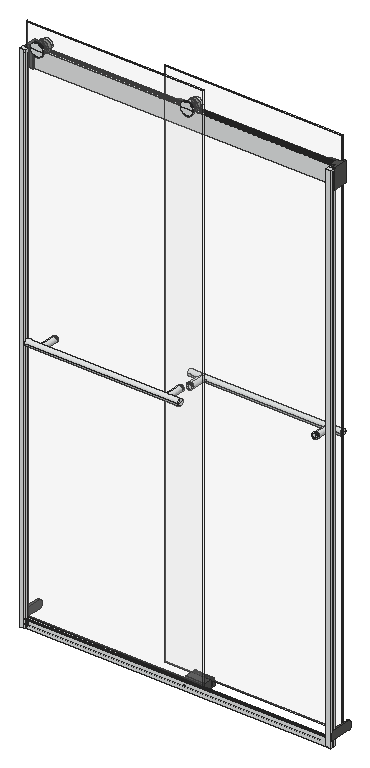
Revit family "Shower-Shower_Door-KOHLER-Levity_Plus-K-702422_1", category Specialty Equipment, host Face, Revit 2022
Family settings
  Host = Face
  Round Connector Dimension = Use Diameter
  Part Type = Normal
  OmniClass Number = 23.31.17.17
  OmniClass Title = Shower Enclosures
  Cut with Voids When Loaded = No
  Maintain Annotation Orientation = No
  Shared = No
  Room Calculation Point = No
Parameters (values of type "SHP-Bright Polished Silver")
  Width [instance] = Walk Thru + 25 205/256" + 199/256"  # 44 83/128"
  WaterSense Certified = 1 = 0  # no
  Walk Thru [instance] = 18 9/128"
  URL = "https://www.us.kohler.com/us/"
  Type = 1
  Product Page URL = "http://www.us.kohler.com/us/catalog/productDetails.jsp?productId=702422-L"
  Product Name = "Levity Plus"  # constant formula
  Product Documentation Link = "https://www.us.kohler.com/webassets/kpna/catalog/pdf/en/K-702422-L_spec_US-CA_Kohler_en.pdf"
  Model = if(Type = 1, "K-702422-L-SHP", if(Type = 2, "K-702422-L-BNK", if(Type = 3, "K-702422-L-BL", if(Type = 4, "K-702422-L-2MB", "NA"))))  # "K-702422-L-SHP"
  Material = "Premium Metal Construction"  # constant formula
  Master Format 2014 Name = "Shower Doors"  # constant formula
  Master Format 2014 = "10 28 19.16"  # constant formula
  Manufacturer Address = "444 Highland Dr, Kohler, WI 53044"  # constant formula
  Manufacturer = "KOHLER Co."  # constant formula
  Length = 6 119/128"  # constant formula
  Height = 77 143/256"  # constant formula
  Finish = Kohler-Metal-SHP-Bright_Polished_Silver
  Environmental Product Declaration = ""
  Description = "5/16 SHOWER DOOR 78 X 47-5/8 TOWEL BAR"  # constant formula
  Default Elevation = 4"
  Declare Label = ""
  Date Modified = "03/21/2022"  # constant formula
  Date Created = "03/21/2022"  # constant formula
  Copyright = "Copyright KOHLER Co."  # constant formula
  Contact Us = "https://www.us.kohler.com/us/static/contact.jsp"
  Assembly Code = "C1030200"
  ADA Compliant = 1 = 0  # no
Reference planes (in)
  plane 1 "Center (Front/Back)": y = 0
  plane 2: z = 0
  plane 3 "Center (Left/Right)": x = 0
  plane 4: x = 18.07031
  plane 5: x = -25.80098
  plane 6: z = 74.76536
  plane 7: z = 77.55859
  plane 8: z = 72.61552
  plane 9: z = 71.53543
  plane 10: z = 74.09449
  plane 11: x = -21.8318
  plane 12: x = 18.84746
  plane 13: x = 14.7811
  plane 14: x = -1.99865
  plane 15: y = 4.3325
  plane 16: y = 3.90763
  plane 17: y = -2.59719
  plane 18: y = -2.153
  plane 19: y = -0.5693
  plane 20: x = -5.09536
  plane 21: x = 16.5311
  plane 22: x = -23.72549
  plane 23: x = -1.72549
  plane 24: x = -5.23904
  plane 25: x = -3.24214
  plane 26: x = 16.76096
  plane 27: z = 37.83465
  plane 28: z = 38.27815
  plane 29: z = 37.38957
Dimensions and locks (in)
  "Walk Thru": plane 4 to plane 3 "Center (Left/Right)"
  locked: plane 4 to plane 12 at 0.77715
  locked: plane 21 to plane 4 at 1.53921
  locked: plane 13 to plane 21 at 1.75
  locked: plane 20 to plane 21 at 21.62646
  "Width": plane 5 to plane 12
  "Height": plane 7 to level
  plane 9 to level = 71.53543"
  "Length": plane 15 to plane 17
  plane 10 to plane 9 = 2.55906"
  locked: plane 24 to plane 20 at 0.14369
  locked: plane 20 to plane 25 at 1.85322
  locked: plane 26 to plane 12 at 2.0865
  plane 27 to level = 37.83465"
  aligned and locked: plane 2 to host face
  aligned and locked: level to host face
  aligned and locked: plane 1 "Center (Front/Back)" to nested 1
  aligned and locked: plane 3 "Center (Left/Right)" to nested 1
  aligned and locked: plane 4 to nested 1
Automatic sketch dimensions
  host sketch curve to host sketch curve = 96"  (x2)
Nested families (in)
  nested 1: "K-702422" at (0, -0.5693, 0), type "K-702422"
Definition of nested family "K-702422"
  Parameters (values of type "K-702422")
    Width = Walk Thru + 25.79921" + 0.77559"  # 44.64567"
    Walk Thru = 18.07087"
    Material = none
    Height = 61.5748"
    Default Elevation = 0"
  Reference planes (in)
    plane 1 "Center (Front/Back)": y = 0
    plane 2: z = 0
    plane 3 "Center (Left/Right)": x = 0
    plane 4: z = 77.55906
    plane 5 "G": z = 37.83465
    plane 6: x = 18.07087
    plane 7: x = 18.84801
    plane 8 "E": x = 14.78165
    plane 9: z = 71.53543
    plane 10: z = 74.09449
    plane 11 "A": z = 74.76536
    plane 12: x = -28.99865
    plane 13: x = -1.99865
    plane 14: y = -2.02733
    plane 15: y = 4.9018
    plane 16: y = -1.5837
    plane 17 "C": x = 16.53165
    plane 18 "X": z = 72.61552
    plane 19 "D": x = -10.46894
    plane 20: x = 18.50755
    plane 21: z = 77.55906
    plane 22: x = -25.79766
    plane 23: z = 61.5748
    plane 24 "T": x = -5.0948
    plane 25: y = 0.5693
    plane 26: x = -23.72549
    plane 27: x = -1.72549
    plane 28: x = -5.23849
    plane 29: x = 16.76151
    plane 30 "H": x = -3.24159
    plane 31 "P": x = -21.72514
    plane 32 "R": x = -3.72549
    plane 33: y = 4.46873
  Forms (in)
    Extrusion 1, solid
      sketch origin (0, 0, 0) x (1, 0, 0) y (0, 1, 0)
        loop
          line (-25.79766, 2.37158) -> (-25.79766, 0.38563)
          arc (-25.79766, 0.38563) -> (-25.78843, 0.36336) -> (-25.76616, 0.35413) r 0.0315
          line (-25.76616, 0.35413) -> (-25.50948, 0.35413)
          arc (-25.50948, 0.35413) -> (-25.48721, 0.36336) -> (-25.47798, 0.38563) r 0.0315
          line (-25.47798, 0.38563) -> (-25.47798, 0.85734)
          arc (-25.47798, 0.85734) -> (-25.46876, 0.87961) -> (-25.44649, 0.88884) r 0.0315
          line (-25.44649, 0.88884) -> (-24.84431, 0.88884)
          arc (-24.84431, 0.88884) -> (-24.82282, 0.89774) -> (-24.81392, 0.91923) r 0.03039
          line (-24.81392, 0.91923) -> (-24.81392, 2.02115) -> (-25.48127, 2.02858) -> (-25.48127, 2.37088)
          arc (-25.48127, 2.37088) -> (-25.49049, 2.39315) -> (-25.51276, 2.40237) r 0.0315
          line (-25.51276, 2.40237) -> (-25.76687, 2.40237)
          arc (-25.76687, 2.40237) -> (-25.78864, 2.39336) -> (-25.79766, 2.37158) r 0.03079
      from 71.46168 to 74.31431
    Extrusion 2, solid, material <- "Material", detail levels medium+fine
      sketch origin (0, 0, 0) x (1, 0, 0) y (0, 1, 0)
        loop
          line (-25.47591, 0.20982) -> (-25.47591, -0.20982) -> (-25.2813, -0.20982) -> (-25.2813, -0.27247) -> (-25.74014, -0.27247) -> (-25.74014, -0.30702) -> (-25.14015, -0.32797)
          arc (-25.14015, -0.32797) -> (-25.06472, -0.29901) -> (-25.03315, -0.22464) r 0.10339
          line (-25.03315, -0.22464) -> (-25.03315, 0.22464)
          arc (-25.03315, 0.22464) -> (-25.06472, 0.29901) -> (-25.14015, 0.32797) r 0.10339
          line (-25.14015, 0.32797) -> (-25.74014, 0.30702) -> (-25.74014, 0.27247) -> (-25.2813, 0.27247) -> (-25.2813, 0.20982) -> (-25.47591, 0.20982)
        loop
          line (-25.79766, 0.20982) -> (-25.60858, 0.20982) -> (-25.60858, 0) -> (-25.60858, -0.20982) -> (-25.79766, -0.20982) -> (-25.79766, -0.25253) -> (-25.56727, -0.25253) -> (-25.56727, 0) -> (-25.56727, 0.25253) -> (-25.79766, 0.25253) -> (-25.79766, 0.20982)
      from 0.08036 to 74.09449
    Extrusion 3, solid, material <- "Material", detail levels medium+fine
      sketch origin (0, 0, 0) x (1, 0, 0) y (0, 1, 0)
        loop
          line (-25.14015, 0.32797) -> (-25.74014, 0.30702) -> (-25.74014, 0.25253) -> (-25.79766, 0.25253) -> (-25.79766, -0.25253) -> (-25.74014, -0.25253) -> (-25.74014, -0.30702) -> (-25.14015, -0.32797)
          arc (-25.14015, -0.32797) -> (-25.06472, -0.29901) -> (-25.03315, -0.22464) r 0.10339
          line (-25.03315, -0.22464) -> (-25.03315, 0.22464)
          arc (-25.03315, 0.22464) -> (-25.06472, 0.29901) -> (-25.14015, 0.32797) r 0.10339
      from 74.09449 to 74.31431
    Extrusion 4, solid
      sketch origin (0, 0, 0) x (0, 1, 0) y (0, 0, 1)
        loop
          line (2.917, 2.13263) -> (-0.20982, 2.13263) -> (-0.20982, 1.05663) -> (2.93672, 1.05663)
          arc (2.93672, 1.05663) -> (3.10579, 1.12666) -> (3.17581, 1.29573) r 0.23909
          line (3.17581, 1.29573) -> (3.17581, 1.87382)
          arc (3.17581, 1.87382) -> (3.10001, 2.05683) -> (2.917, 2.13263) r 0.25882
      from -25.79766 to -25.47798
    Extrusion 5, solid, material <- "Material"
      sketch origin (0, 0, 0) x (0, 1, 0) y (0, 0, 1)
        loop
          arc (0, 0.33997) -> (0.03474, 0.38326) -> (0.08453, 0.35871) r 0.04434
          line (0.08453, 0.35871) -> (0.11423, 0.29502)
          arc (0.11423, 0.29502) -> (0.14686, 0.27839) -> (0.17089, 0.30603) r 0.02975
          line (0.17089, 0.30603) -> (0.20017, 0.86474)
          arc (0.20017, 0.86474) -> (0.19197, 0.88698) -> (0.17019, 0.89634) r 0.03002
          line (0.17019, 0.89634) -> (0.02343, 0.89634)
          arc (0.02343, 0.89634) -> (-0.02199, 0.94176) -> (0.02343, 0.98718) r 0.04542
          line (0.02343, 0.98718) -> (0.19567, 0.98718)
          arc (0.19567, 0.98718) -> (0.19347, 1.02749) -> (0.15814, 1.04703) r 0.04169
          line (0.15814, 1.04703) -> (-0.19878, 1.04703) -> (-0.19878, 0) -> (0.49474, 0) -> (0.49474, 0.07959) -> (0.14319, 0.07959)
          arc (0.14319, 0.07959) -> (0.04194, 0.12153) -> (0, 0.22278) r 0.14319
          line (0, 0.22278) -> (0, 0.33997)
        loop
          line (0.53901, 0.96058) -> (0.10163, 0.96058)
          arc (0.10163, 0.96058) -> (0.08163, 0.94058) -> (0.10163, 0.92059) r 0.01999
          line (0.10163, 0.92059) -> (0.53901, 0.92059)
          arc (0.53901, 0.92059) -> (0.559, 0.94058) -> (0.53901, 0.96058) r 0.01999
      from -25.47591 to 18.07087
    Revolve 6, solid, material <- "Material", detail levels medium+fine
      sketch origin (27, 0, 74.76536) x (0, -1, 0) y (1, 0, 0)
        loop
          line (0.14044, -28.99865) -> (-1.79905, -28.99865) -> (-1.79905, -29.69269) -> (-1.43263, -29.69269) -> (-1.43263, -29.74488)
          arc (-1.43263, -29.74488) -> (-1.24562, -29.80339) -> (-1.05861, -29.74488) r 0.32812
          line (-1.05861, -29.74488) -> (-1.05861, -29.53477) -> (-0.92215, -29.53477) -> (-0.92215, -29.73162) -> (-0.7253, -29.73162) -> (-0.7253, -29.46245) -> (-0.36761, -29.46245) -> (-0.36761, -29.6593) -> (-0.06827, -29.6593) -> (-0.06827, -29.89414) -> (-0.02811, -29.93431) -> (0.09751, -29.93431) -> (0.14044, -29.89138) -> (0.14044, -28.99865)
        axis (0.14044, -28.99865) -> (-1.79905, -28.99865)
      angle from 0 to 360
    Revolve 7, solid, material <- "Material", detail levels medium+fine
      sketch origin (5.51575, 0, 74.76536) x (0, -1, 0) y (1, 0, 0)
        loop
          line (0.14044, -28.99865) -> (-1.79905, -28.99865) -> (-1.79905, -29.69269) -> (-1.43263, -29.69269) -> (-1.43263, -29.74488)
          arc (-1.43263, -29.74488) -> (-1.24562, -29.80339) -> (-1.05861, -29.74488) r 0.32812
          line (-1.05861, -29.74488) -> (-1.05861, -29.53477) -> (-0.92215, -29.53477) -> (-0.92215, -29.73162) -> (-0.7253, -29.73162) -> (-0.7253, -29.46245) -> (-0.36761, -29.46245) -> (-0.36761, -29.6593) -> (-0.06827, -29.6593) -> (-0.06827, -29.89414) -> (-0.02811, -29.93431) -> (0.09751, -29.93431) -> (0.14044, -29.89138) -> (0.14044, -28.99865)
        axis (0.14044, -28.99865) -> (-1.79905, -28.99865)
      angle from 0 to 360
    Extrusion 8, solid, material <- "Material", detail levels medium+fine
      sketch origin (0, 0, 0) x (0, 1, 0) y (0, 0, 1)
        loop
          line (0.97838, 74.09449) -> (0.97838, 71.53543) -> (1.85747, 71.53543)
          arc (1.85747, 71.53543) -> (1.9, 71.55305) -> (1.91761, 71.59558) r 0.06014
          line (1.91761, 71.59558) -> (1.91761, 71.86685)
          arc (1.91761, 71.86685) -> (1.89894, 71.92322) -> (1.85029, 71.95728) r 0.0944
          line (1.85029, 71.95728) -> (1.85029, 71.88022) -> (1.65621, 71.78388) -> (1.38912, 71.90889) -> (1.38912, 73.51607)
          arc (1.38912, 73.51607) -> (1.41101, 73.5689) -> (1.46384, 73.59079) r 0.07472
          line (1.46384, 73.59079) -> (1.84605, 73.59079) -> (1.84605, 73.41713) -> (1.8957, 73.41713)
          arc (1.8957, 73.41713) -> (1.91735, 73.42609) -> (1.92632, 73.44774) r 0.03062
          line (1.92632, 73.44774) -> (1.92632, 74.04029)
          arc (1.92632, 74.04029) -> (1.91044, 74.07861) -> (1.87212, 74.09449) r 0.0542
          line (1.87212, 74.09449) -> (1.69975, 74.09449) -> (1.69975, 74.01045) -> (1.81407, 74.01045)
          arc (1.81407, 74.01045) -> (1.84489, 73.99768) -> (1.85765, 73.96686) r 0.04358
          line (1.85765, 73.96686) -> (1.85765, 73.8136) -> (1.31287, 73.8136) -> (1.31287, 73.88222) -> (1.44737, 73.94211) -> (1.44737, 73.98613)
          arc (1.44737, 73.98613) -> (1.43926, 74.00107) -> (1.42231, 74.0024) r 0.01781
          line (1.42231, 74.0024) -> (1.24538, 73.92362) -> (1.04592, 74.01243) -> (1.04592, 74.07466)
          arc (1.04592, 74.07466) -> (1.04011, 74.08868) -> (1.02609, 74.09449) r 0.01983
          line (1.02609, 74.09449) -> (0.97838, 74.09449)
      from -25.2813 to 18.07087
    Extrusion 9, solid
      sketch origin (0, 0, 74.76536) x (0, -1, 0) y (1, 0, 0)
        loop
          line (-0.7253, -0.06152) -> (-0.7253, -25.42005)
          arc (-0.7253, -25.42005) -> (-0.5693, -25.47612) -> (-0.4133, -25.42005) r 0.24502
          line (-0.4133, -25.42005) -> (-0.4133, -0.06152)
          arc (-0.4133, -0.06152) -> (-0.5693, 0.00135) -> (-0.7253, -0.06152) r 0.225
      from 2.7937 to -73.70872
    Extrusion 10, solid
      sketch origin (0, 0, 0) x (0, 1, 0) y (0, 0, 1)
        loop
          line (2.79395, 0) -> (2.73913, 1.04611)
          arc (2.73913, 1.04611) -> (2.73201, 1.06155) -> (2.71622, 1.06785) r 0.02294
          line (2.71622, 1.06785) -> (2.58256, 1.06785)
          arc (2.58256, 1.06785) -> (2.56781, 1.06181) -> (2.56152, 1.04717) r 0.02105
          line (2.56152, 1.04717) -> (2.54725, 0.22974)
          arc (2.54725, 0.22974) -> (2.52045, 0.16735) -> (2.45761, 0.14164) r 0.08966
          line (2.45761, 0.14164) -> (2.27292, 0.14164)
          arc (2.27292, 0.14164) -> (2.21358, 0.16532) -> (2.18684, 0.22333) r 0.0862
          line (2.18684, 0.22333) -> (2.14487, 1.02412)
          arc (2.14487, 1.02412) -> (2.13055, 1.05518) -> (2.09879, 1.06785) r 0.04614
          line (2.09879, 1.06785) -> (1.06637, 1.06785)
          arc (1.06637, 1.06785) -> (1.03461, 1.05518) -> (1.02029, 1.02412) r 0.04614
          line (1.02029, 1.02412) -> (0.97833, 0.22333)
          arc (0.97833, 0.22333) -> (0.95158, 0.16532) -> (0.89225, 0.14164) r 0.0862
          line (0.89225, 0.14164) -> (0.70755, 0.14164)
          arc (0.70755, 0.14164) -> (0.64471, 0.16735) -> (0.61791, 0.22974) r 0.08966
          line (0.61791, 0.22974) -> (0.60364, 1.04717)
          arc (0.60364, 1.04717) -> (0.59735, 1.06181) -> (0.5826, 1.06785) r 0.02105
          line (0.5826, 1.06785) -> (0.30693, 1.06785) -> (0.30693, 0.16201) -> (0.47604, 0.16201)
          arc (0.47604, 0.16201) -> (0.50033, 0.15195) -> (0.51039, 0.12766) r 0.03435
          line (0.51039, 0.12766) -> (0.51039, 0.08994)
          arc (0.51039, 0.08994) -> (0.52098, 0.06032) -> (0.54793, 0.04411) r 0.04675
          arc (0.54793, 0.04411) -> (0.76846, 0.01105) -> (0.99117, 0) r 2.24921
          line (0.99117, 0) -> (2.79395, 0)
      from -3.12027 to -0.34077
    Revolve 11, solid, material <- "Material"
      sketch origin (-5.0948, 0, 0) x (0, -1, 0) y (0, 0, 1)
        loop
          line (-2.99093, 73.55511) -> (-3.03171, 73.51433) -> (-3.03171, 72.61552) -> (-1.91129, 72.61552) -> (-1.91129, 73.35161) -> (-2.16793, 73.35161) -> (-2.16793, 73.2217) -> (-2.52933, 73.2217) -> (-2.52933, 73.27972) -> (-2.82297, 73.27972) -> (-2.82297, 73.51347) -> (-2.86461, 73.55511) -> (-2.99093, 73.55511)
        axis (-1.91129, 72.61552) -> (-3.03171, 72.61552)
      angle from 0 to 360
    Revolve 12, solid, material <- "Material"
      sketch origin (16.53165, 0, 0) x (0, 0, -1) y (0, -1, 0)
        loop
          line (-73.55511, -2.99093) -> (-73.51433, -3.03171) -> (-72.61552, -3.03171) -> (-72.61552, -1.91129) -> (-73.35161, -1.91129) -> (-73.35161, -2.16793) -> (-73.2217, -2.16793) -> (-73.2217, -2.52933) -> (-73.27972, -2.52933) -> (-73.27972, -2.82297) -> (-73.51347, -2.82297) -> (-73.55511, -2.86461) -> (-73.55511, -2.99093)
        axis (-72.61552, -1.91129) -> (-72.61552, -3.03171)
      angle from 0 to 360
    Extrusion 13, solid
      sketch origin (0, 0, 74.76536) x (0, -1, 0) y (1, 0, 0)
        loop
          line (-2.40428, 18.84801) -> (-2.40428, 18.64656)
          arc (-2.40428, 18.64656) -> (-2.37444, 18.57452) -> (-2.30241, 18.54468) r 0.10187
          line (-2.30241, 18.54468) -> (-2.09932, 18.54468)
          arc (-2.09932, 18.54468) -> (-2.03657, 18.51869) -> (-2.01058, 18.45594) r 0.08874
          line (-2.01058, 18.45594) -> (-2.01058, 17.91977)
          arc (-2.01058, 17.91977) -> (-1.99255, 17.87623) -> (-1.949, 17.85819) r 0.06158
          line (-1.949, 17.85819) -> (-0.96774, 17.85819)
          arc (-0.96774, 17.85819) -> (-0.9202, 17.87788) -> (-0.90051, 17.92542) r 0.06723
          line (-0.90051, 17.92542) -> (-0.90051, 18.43534)
          arc (-0.90051, 18.43534) -> (-0.8829, 18.47786) -> (-0.84038, 18.49547) r 0.06013
          line (-0.84038, 18.49547) -> (-0.37453, 18.49547)
          arc (-0.37453, 18.49547) -> (-0.34132, 18.50922) -> (-0.32756, 18.54243) r 0.04697
          line (-0.32756, 18.54243) -> (-0.32756, 18.84801) -> (-2.40428, 18.84801)
      from -0.4295 to -3.30367
    Extrusion 14, solid
      sketch origin (0, 0, 0) x (0, 1, 0) y (0, 0, -1)
        loop
          arc (2.917, -2.13263) -> (3.10001, -2.05683) -> (3.17581, -1.87382) r 0.25882
          line (3.17581, -1.87382) -> (3.17581, -1.29573)
          arc (3.17581, -1.29573) -> (3.10579, -1.12666) -> (2.93672, -1.05663) r 0.23909
          line (2.93672, -1.05663) -> (-0.23901, -1.05663) -> (-0.23901, -2.13263) -> (2.917, -2.13263)
      from -18.50755 to -18.84801
    Extrusion 15, solid, material <- "Material"
      sketch origin (0, 0, 74.76536) x (0, -1, 0) y (1, 0, 0)
        loop
          line (-0.32756, 18.07087) -> (0.31775, 18.07087) -> (0.31775, 18.84801) -> (0.23901, 18.84801) -> (0.23901, 18.14961) -> (-0.24882, 18.14961) -> (-0.24882, 18.84801) -> (-0.32756, 18.84801) -> (-0.32756, 18.07087)
      from -74.68577 to -0.5382
    Extrusion 16, solid, material <- "Material"
      sketch origin (0, 0, 0) x (1, 0, 0) y (0, 1, 0)
        loop
          line (18.84801, 0.32756) -> (18.07087, 0.32756) -> (18.07087, -0.31775) -> (18.84801, -0.31775) -> (18.84801, 0.32756)
      from 74.22715 to 74.09449
    Extrusion 17, solid
      sketch origin (0, 0, 74.76536) x (0, -1, 0) y (1, 0, 0)
        loop
          arc (-2.47993, -7.03987) -> (-2.32393, -7.10273) -> (-2.16793, -7.03987) r 0.225
          line (-2.16793, -7.03987) -> (-2.16793, 18.46031)
          arc (-2.16793, 18.46031) -> (-2.18177, 18.49371) -> (-2.21518, 18.50755) r 0.04724
          line (-2.21518, 18.50755) -> (-2.43259, 18.50755)
          arc (-2.43259, 18.50755) -> (-2.46607, 18.49368) -> (-2.47993, 18.4602) r 0.04735
          line (-2.47993, 18.4602) -> (-2.47993, -7.03987)
      from -73.86902 to 2.7937
    Extrusion 18, solid, material <- "Material", detail levels coarse
      sketch origin (0, 0, 74.76536) x (0, -1, 0) y (1, 0, 0)
        loop
          line (-0.32797, -25.03315) -> (-0.32797, -25.79766) -> (0.32797, -25.79766) -> (0.32797, -25.03315) -> (-0.32797, -25.03315)
      from -74.68499 to -0.45105
    Revolve 19, solid, material <- "Material", detail levels coarse
      sketch origin (5.51575, 0, 74.76536) x (0, -1, 0) y (1, 0, 0)
        loop
          line (0.14044, -28.99865) -> (-1.79905, -28.99865) -> (-1.79905, -29.69269) -> (-1.43263, -29.69269) -> (-1.43263, -29.74488) -> (-1.05861, -29.74488) -> (-1.05861, -29.53477) -> (-0.92215, -29.53477) -> (-0.92215, -29.73162) -> (-0.7253, -29.73162) -> (-0.7253, -29.6593) -> (-0.06827, -29.6593) -> (-0.06827, -29.93431) -> (0.14044, -29.93431) -> (0.14044, -28.99865)
        axis (-1.79905, -28.99865) -> (0.14044, -28.99865)
      angle from 0 to 360
    Revolve 20, solid, material <- "Material", detail levels coarse
      sketch origin (27, 0, 74.76536) x (0, -1, 0) y (1, 0, 0)
        loop
          line (0.14044, -28.99865) -> (-1.79905, -28.99865) -> (-1.79905, -29.69269) -> (-1.43263, -29.69269) -> (-1.43263, -29.74488) -> (-1.05861, -29.74488) -> (-1.05861, -29.53477) -> (-0.92215, -29.53477) -> (-0.92215, -29.73162) -> (-0.7253, -29.73162) -> (-0.7253, -29.6593) -> (-0.06827, -29.6593) -> (-0.06827, -29.93431) -> (0.14044, -29.93431) -> (0.14044, -28.99865)
        axis (-1.79905, -28.99865) -> (0.14044, -28.99865)
      angle from 0 to 360
    Extrusion 21, solid, material <- "Material", detail levels coarse
      sketch origin (0, 0, 0) x (0, 1, 0) y (0, 0, 1)
        loop
          line (0.97838, 74.09449) -> (0.97838, 71.53543) -> (1.92632, 71.53543) -> (1.92632, 74.09449) -> (0.97838, 74.09449)
      from -25.47798 to 18.07087
    Revolve 22, solid, material <- "Material", detail levels medium+fine
      sketch origin (-3.24159, 0, 0) x (0, -1, 0) y (0, 0, 1)
        loop
          line (-4.47693, 38.24195) -> (-4.47693, 37.83465) -> (-1.85912, 37.83465) -> (-1.85912, 38.23246)
          arc (-1.85912, 38.23246) -> (-1.86628, 38.24975) -> (-1.88357, 38.25691) r 0.02445
          line (-1.88357, 38.25691) -> (-2.08042, 38.25691)
          arc (-2.08042, 38.25691) -> (-2.10138, 38.25304) -> (-2.11957, 38.24195) r 0.0587
          line (-2.11957, 38.24195) -> (-4.47693, 38.24195)
        axis (-4.47693, 37.83465) -> (-1.85912, 37.83465)
      angle from 0 to 360
    Revolve 23, solid, material <- "Material", detail levels medium+fine
      sketch origin (14.78165, 0, 0) x (0, 0, 1) y (0, -1, 0)
        loop
          line (37.42734, -4.47693) -> (37.83465, -4.47693) -> (37.83465, -1.85912) -> (37.43683, -1.85912)
          arc (37.43683, -1.85912) -> (37.41954, -1.86628) -> (37.41238, -1.88357) r 0.02445
          line (37.41238, -1.88357) -> (37.41238, -2.08042)
          arc (37.41238, -2.08042) -> (37.41625, -2.10138) -> (37.42734, -2.11957) r 0.0587
          line (37.42734, -2.11957) -> (37.42734, -4.47693)
        axis (37.83465, -4.47693) -> (37.83465, -1.85912)
      angle from 0 to 360
    Revolve 24, solid, material <- "Material", detail levels medium+fine
      sketch origin (0, 0, 37.83465) x (-1, 0, 0) y (0, -1, 0)
        loop
          line (5.23849, -4.8519) -> (5.23849, -4.46873) -> (-16.76151, -4.46873) -> (-16.76151, -4.85193) -> (-16.71164, -4.9018) -> (5.18858, -4.9018) -> (5.23849, -4.8519)
        axis (-16.76151, -4.46873) -> (5.23849, -4.46873)
      angle from 0 to 360
    Revolve 25, solid, material <- "Material", detail levels medium+fine
      sketch origin (-21.72514, 0, 0) x (0, 1, 0) y (0, 0, 1)
        loop
          line (1.00208, 37.83465) -> (1.00208, 38.20839)
          arc (1.00208, 38.20839) -> (0.99434, 38.22708) -> (0.97565, 38.23482) r 0.02643
          line (0.97565, 38.23482) -> (0.76975, 38.23482)
          arc (0.76975, 38.23482) -> (0.73962, 38.23132) -> (0.71109, 38.22103) r 0.13164
          line (0.71109, 38.22103) -> (-1.5837, 38.22103) -> (-1.5837, 37.83465) -> (1.00208, 37.83465)
        axis (1.00208, 37.83465) -> (-1.5837, 37.83465)
      angle from 0 to 360
    Revolve 26, solid, material <- "Material"
      sketch origin (-3.72549, 0, 0) x (0, 1, 0) y (0, 0, 1)
        loop
          line (1.00208, 37.83465) -> (1.00208, 38.20839)
          arc (1.00208, 38.20839) -> (0.99434, 38.22708) -> (0.97565, 38.23482) r 0.02643
          line (0.97565, 38.23482) -> (0.76975, 38.23482)
          arc (0.76975, 38.23482) -> (0.73962, 38.23132) -> (0.71109, 38.22103) r 0.13164
          line (0.71109, 38.22103) -> (-1.5837, 38.22103) -> (-1.5837, 37.83465) -> (1.00208, 37.83465)
        axis (1.00208, 37.83465) -> (-1.5837, 37.83465)
      angle from 0 to 360
    Revolve 27, solid, material <- "Material", detail levels medium+fine
      sketch origin (0, 0, 37.83465) x (-1, 0, 0) y (0, -1, 0)
        loop
          line (1.72549, 1.5837) -> (23.72549, 1.5837) -> (23.72549, 1.97552) -> (23.67367, 2.02733) -> (1.77378, 2.02733) -> (1.72549, 1.97904) -> (1.72549, 1.5837)
        axis (1.72549, 1.5837) -> (23.72549, 1.5837)
      angle from 0 to 360
    Revolve 28, solid, material <- "Material", detail levels coarse
      sketch origin (0, 0, 37.83465) x (-1, 0, 0) y (0, -1, 0)
        loop
          line (21.72514, -1.04337) -> (22.11152, -1.04337) -> (22.11152, 1.5837) -> (21.72514, 1.5837) -> (21.72514, -1.04337)
        axis (21.72514, 1.5837) -> (21.72514, -1.04337)
      angle from 0 to 360
    Revolve 29, solid, material <- "Material", detail levels coarse
      sketch origin (0, 0, 37.83465) x (-1, 0, 0) y (0, -1, 0)
        loop
          line (3.72549, -1.04592) -> (4.11187, -1.04592) -> (4.11187, 1.5837) -> (3.72549, 1.5837) -> (3.72549, -1.04592)
        axis (3.72549, -1.04592) -> (3.72549, 1.5837)
      angle from 0 to 360
    Revolve 30, solid, material <- "Material", detail levels coarse
      sketch origin (0, 0, 37.83465) x (-1, 0, 0) y (0, -1, 0)
        loop
          line (1.72549, 1.5837) -> (23.72549, 1.5837) -> (23.72549, 2.02733) -> (1.72549, 2.02733) -> (1.72549, 1.5837)
        axis (23.72549, 1.5837) -> (1.72549, 1.5837)
      angle from 0 to 360
    Revolve 31, solid, material <- "Material", detail levels coarse
      sketch origin (0, 0, 37.83465) x (-1, 0, 0) y (0, -1, 0)
        loop
          line (3.24159, -1.92632) -> (3.24159, -4.46873) -> (3.64889, -4.46873) -> (3.64889, -1.92632) -> (3.24159, -1.92632)
        axis (3.24159, -1.92632) -> (3.24159, -4.46873)
      angle from 0 to 360
    Revolve 32, solid, material <- "Material", detail levels coarse
      sketch origin (0, 0, 37.83465) x (-1, 0, 0) y (0, -1, 0)
        loop
          line (-14.78165, -4.46873) -> (-14.37435, -4.46873) -> (-14.37435, -1.92632) -> (-14.78165, -1.92632) -> (-14.78165, -4.46873)
        axis (-14.78165, -4.46873) -> (-14.78165, -1.92632)
      angle from 0 to 360
    Revolve 33, solid, material <- "Material", detail levels coarse
      sketch origin (0, 0, 37.83465) x (-1, 0, 0) y (0, -1, 0)
        loop
          line (5.23849, -4.9018) -> (5.23849, -4.46873) -> (-16.76151, -4.46873) -> (-16.76151, -4.9018) -> (5.23849, -4.9018)
        axis (5.23849, -4.46873) -> (-16.76151, -4.46873)
      angle from 0 to 360
  Cuts and joins
    joined: Extrusion 2, Extrusion 3
    joined: Extrusion 15, Extrusion 16
  Lines and regions (in)
    Masking region 1
      outline origin (0, 0, 0) x (1, 0, 0) y (0, 0, 1)
        loop
          line (-25.47617, 77.55906) -> (-25.47617, 74.35081) -> (-25.79766, 74.35081) -> (-25.79766, 0.08036) -> (-25.47591, 0.08036) -> (-25.47591, 0) -> (18.07087, 0) -> (18.07087, 0.07959) -> (18.84801, 0.07959) -> (18.84801, 74.33586) -> (18.50755, 74.33586) -> (18.50755, 77.55906) -> (-25.47617, 77.55906)
    Masking region 2
      outline origin (-5.0948, 0, 0) x (0, -1, 0) y (0, 0, 1)
        loop
          line (-0.33162, 2.13263) -> (-0.33162, 37.44827) -> (-0.4133, 37.44827) -> (-0.4133, 2.13263) -> (-0.33162, 2.13263)
        loop
          line (-3.17581, 1.87382) -> (-3.17581, 1.29573)
          arc (-3.17581, 1.29573) -> (-3.10579, 1.12666) -> (-2.93672, 1.05663) r 0.23909
          line (-2.93672, 1.05663) -> (-2.73858, 1.05663) -> (-2.79395, 0) -> (-0.99117, 0)
          arc (-0.99117, 0) -> (-0.76846, 0.01105) -> (-0.54793, 0.04411) r 2.24921
          arc (-0.54793, 0.04411) -> (-0.52098, 0.06032) -> (-0.51039, 0.08994) r 0.04675
          line (-0.51039, 0.08994) -> (-0.51039, 0.12766)
          arc (-0.51039, 0.12766) -> (-0.50033, 0.15195) -> (-0.47604, 0.16201) r 0.03435
          line (-0.47604, 0.16201) -> (-0.32803, 0.16201) -> (-0.32803, 0.07959) -> (-0.49474, 0.07959) -> (-0.49474, 0) -> (0.19878, 0) -> (0.19878, 0.08036) -> (0.32797, 0.08036) -> (0.32797, 37.44827) -> (1.3657, 37.44827)
          arc (1.3657, 37.44827) -> (1.80742, 37.45155) -> (2.02733, 37.83465) r 0.44363
          arc (2.02733, 37.83465) -> (1.80742, 38.21774) -> (1.3657, 38.22103) r 0.44363
          line (1.3657, 38.22103) -> (0.32797, 38.22103) -> (0.32797, 40.19141) -> (0.32797, 53.19141) -> (0.32797, 74.31431) -> (0.14044, 74.31431) -> (0.14044, 75.65887) -> (0.09747, 75.70183) -> (-0.02728, 75.70183) -> (-0.06827, 75.66084) -> (-0.06827, 75.42601) -> (-0.36761, 75.42601) -> (-0.36761, 75.22916) -> (-0.4133, 75.22916) -> (-0.4133, 77.55906) -> (-0.7253, 77.55906) -> (-0.7253, 75.49833) -> (-0.92215, 75.49833) -> (-0.92215, 75.30147) -> (-1.05861, 75.30147) -> (-1.05861, 75.51158)
          arc (-1.05861, 75.51158) -> (-1.24562, 75.5673) -> (-1.43263, 75.51158) r 0.34168
          line (-1.43263, 75.51158) -> (-1.43263, 75.45939) -> (-1.79905, 75.45939) -> (-1.79905, 74.76536) -> (-1.79905, 74.31431) -> (-2.16793, 74.31431) -> (-2.16793, 77.55906) -> (-2.47993, 77.55906) -> (-2.47993, 73.2217) -> (-2.52933, 73.2217) -> (-2.52933, 73.27972) -> (-2.82297, 73.27972) -> (-2.82297, 73.51347) -> (-2.86461, 73.55511) -> (-2.99093, 73.55511) -> (-3.03171, 73.51433) -> (-3.03171, 71.71672) -> (-2.99093, 71.67593) -> (-2.86461, 71.67593) -> (-2.82297, 71.71758) -> (-2.82297, 71.95133) -> (-2.52933, 71.95133) -> (-2.52933, 72.00935) -> (-2.47993, 72.00935) -> (-2.47993, 53.19141) -> (-2.47993, 40.19141) -> (-2.47993, 38.24195) -> (-4.27797, 38.24195)
          arc (-4.27797, 38.24195) -> (-4.9018, 37.83465) -> (-4.27797, 37.42734) r 0.44488
          line (-4.27797, 37.42734) -> (-2.47993, 37.42734) -> (-2.47993, 2.13263) -> (-2.917, 2.13263)
          arc (-2.917, 2.13263) -> (-3.10001, 2.05683) -> (-3.17581, 1.87382) r 0.25882
        loop
          arc (-2.54725, 0.22974) -> (-2.52045, 0.16735) -> (-2.45761, 0.14164) r 0.08966
          line (-2.45761, 0.14164) -> (-2.27292, 0.14164)
          arc (-2.27292, 0.14164) -> (-2.21358, 0.16532) -> (-2.18684, 0.22333) r 0.0862
          line (-2.18684, 0.22333) -> (-2.14487, 1.02412)
          arc (-2.14487, 1.02412) -> (-2.14023, 1.04201) -> (-2.12894, 1.05663) r 0.04614
          line (-2.12894, 1.05663) -> (-2.16793, 1.05663) -> (-2.16793, 0.89634) -> (-2.47993, 0.89634) -> (-2.47993, 1.05663) -> (-2.51514, 1.05663) -> (-2.56169, 1.05663) -> (-2.54725, 0.22974)
        loop
          arc (-0.97833, 0.22333) -> (-0.95158, 0.16532) -> (-0.89225, 0.14164) r 0.0862
          line (-0.89225, 0.14164) -> (-0.70755, 0.14164)
          arc (-0.70755, 0.14164) -> (-0.64471, 0.16735) -> (-0.61791, 0.22974) r 0.08966
          line (-0.61791, 0.22974) -> (-0.60348, 1.05663) -> (-1.03622, 1.05663)
          arc (-1.03622, 1.05663) -> (-1.02494, 1.04201) -> (-1.02029, 1.02412) r 0.04614
          line (-1.02029, 1.02412) -> (-0.97833, 0.22333)
        loop
          line (-2.16793, 2.13263) -> (-0.7253, 2.13263) -> (-0.7253, 37.44261)
          arc (-0.7253, 37.44261) -> (-0.75921, 37.43394) -> (-0.79409, 37.43103) r 0.21008
          line (-0.79409, 37.43103) -> (-0.97081, 37.43103)
          arc (-0.97081, 37.43103) -> (-0.99232, 37.43993) -> (-1.00122, 37.46144) r 0.03041
          line (-1.00122, 37.46144) -> (-1.00122, 37.83465) -> (-1.00122, 38.20786)
          arc (-1.00122, 38.20786) -> (-0.99232, 38.22936) -> (-0.97081, 38.23827) r 0.03041
          line (-0.97081, 38.23827) -> (-0.79409, 38.23827)
          arc (-0.79409, 38.23827) -> (-0.75921, 38.23535) -> (-0.7253, 38.22668) r 0.21008
          line (-0.7253, 38.22668) -> (-0.7253, 40.06641) -> (-0.7253, 53.06641) -> (-0.7253, 71.46168) -> (-2.16793, 71.46168) -> (-2.16793, 53.06641) -> (-2.16793, 40.06641) -> (-2.16793, 38.24195) -> (-2.11957, 38.24195)
          arc (-2.11957, 38.24195) -> (-2.09977, 38.25301) -> (-2.07742, 38.25685) r 0.0671
          line (-2.07742, 38.25685) -> (-1.88218, 38.25685)
          arc (-1.88218, 38.25685) -> (-1.86516, 38.2498) -> (-1.85811, 38.23278) r 0.02407
          line (-1.85811, 38.23278) -> (-1.85811, 37.83465) -> (-1.85811, 37.43651)
          arc (-1.85811, 37.43651) -> (-1.86516, 37.41949) -> (-1.88218, 37.41244) r 0.02407
          line (-1.88218, 37.41244) -> (-2.07742, 37.41244)
          arc (-2.07742, 37.41244) -> (-2.09977, 37.41628) -> (-2.11957, 37.42734) r 0.0671
          line (-2.11957, 37.42734) -> (-2.16793, 37.42734) -> (-2.16793, 2.13263)
        loop
          line (-0.4133, 40.19141) -> (-0.4133, 38.22103) -> (-0.33162, 38.22103) -> (-0.33162, 40.19141) -> (-0.33162, 53.19141) -> (-0.33162, 71.46168) -> (-0.4133, 71.46168) -> (-0.4133, 53.19141) -> (-0.4133, 40.19141)
    Masking region 3
      outline origin (0, 0, 74.76536) x (0, -1, 0) y (1, 0, 0)
        loop
          line (-0.97838, -24.01903) -> (-0.97838, -24.81392) -> (-0.91923, -24.81392)
          arc (-0.91923, -24.81392) -> (-0.89774, -24.82282) -> (-0.88884, -24.84431) r 0.03039
          line (-0.88884, -24.84431) -> (-0.88884, -25.44649)
          arc (-0.88884, -25.44649) -> (-0.87961, -25.46876) -> (-0.85734, -25.47798) r 0.0315
          line (-0.85734, -25.47798) -> (-0.5693, -25.47798)
          arc (-0.5693, -25.47798) -> (-0.65219, -25.46168) -> (-0.7253, -25.42005) r 0.24502
          line (-0.7253, -25.42005) -> (-0.7253, -24.21588) -> (-0.92215, -24.21588) -> (-0.92215, -24.01903) -> (-0.97838, -24.01903)
        loop
          line (-0.7253, -22.74994) -> (-0.7253, -22.11192)
          arc (-0.7253, -22.11192) -> (-0.75262, -22.122) -> (-0.78153, -22.12542) r 0.12388
          line (-0.78153, -22.12542) -> (-0.97838, -22.12542) -> (-0.97838, -22.94679) -> (-0.92215, -22.94679) -> (-0.92215, -22.74994) -> (-0.7253, -22.74994)
        loop
          line (0.32797, -25.79766) -> (0.32797, -25.03644) -> (0.19878, -25.03644) -> (0.19878, -22.11152) -> (1.14006, -22.11152) -> (1.14006, -23.67367) -> (1.19188, -23.72549) -> (1.97552, -23.72549) -> (2.02733, -23.67367) -> (2.02733, -1.77378) -> (1.97904, -1.72549) -> (1.18835, -1.72549) -> (1.14006, -1.77378) -> (1.14006, -3.33911) -> (0.19878, -3.33911) -> (0.19878, 18.07087) -> (0.31775, 18.07087) -> (0.31775, 18.84801) -> (-3.17581, 18.84801) -> (-3.17581, 18.50755) -> (-2.06401, 18.50755)
          arc (-2.06401, 18.50755) -> (-2.02623, 18.4919) -> (-2.01058, 18.45412) r 0.05343
          line (-2.01058, 18.45412) -> (-2.01058, 17.85819) -> (-1.92632, 17.85819) -> (-1.92632, -0.34077) -> (-2.79395, -0.34077) -> (-2.79395, -3.12027) -> (-1.92632, -3.12027) -> (-1.92632, -24.81392) -> (-2.02115, -24.81392) -> (-2.02855, -25.47798) -> (-3.17581, -25.47798) -> (-3.17581, -25.79766) -> (0.32797, -25.79766)
        loop
          line (-0.97838, -3.12027) -> (-0.97838, -3.31712) -> (-0.7253, -3.31712) -> (-0.7253, -3.12027) -> (-0.97838, -3.12027)
        loop
          line (-0.7253, -21.33836) -> (-0.7253, -4.11187) -> (-0.97838, -4.11187) -> (-0.97838, -21.32486) -> (-0.78153, -21.32486)
          arc (-0.78153, -21.32486) -> (-0.75262, -21.32828) -> (-0.7253, -21.33836) r 0.12388
        loop
          line (-0.97838, 17.85819) -> (-0.97838, -0.34077) -> (-0.7253, -0.34077) -> (-0.7253, -0.06152)
          arc (-0.7253, -0.06152) -> (-0.64864, -0.01311) -> (-0.55909, 0.00111) r 0.225
          line (-0.55909, 0.00111) -> (-0.55909, 18.07087) -> (-0.32756, 18.07087) -> (-0.32756, 18.50755) -> (-0.83803, 18.50755)
          arc (-0.83803, 18.50755) -> (-0.88221, 18.48925) -> (-0.90051, 18.44508) r 0.06248
          line (-0.90051, 18.44508) -> (-0.90051, 17.85819) -> (-0.97838, 17.85819)
        loop
          line (1.14006, -21.33876) -> (1.14006, -4.11187) -> (0.19878, -4.11187) -> (0.19878, -21.33876) -> (1.14006, -21.33876)
    Masking region 4
      outline origin (0, 0, 74.76536) x (0, -1, 0) y (1, 0, 0)
        loop
          arc (-2.47993, -7.03987) -> (-2.32393, -7.10273) -> (-2.16793, -7.03987) r 0.225
          line (-2.16793, -7.03987) -> (-2.16793, -5.83089) -> (-1.92632, -5.83089) -> (-1.92632, -4.35871) -> (-2.16793, -4.35871) -> (-2.16793, -3.66452) -> (-1.92632, -3.66452) -> (-1.92632, -2.83428) -> (-2.16793, -2.83428) -> (-2.16793, 14.37435) -> (-1.92632, 14.37435) -> (-1.92632, 15.18896) -> (-2.16793, 15.18896) -> (-2.16793, 15.79298) -> (-1.92632, 15.79298) -> (-1.92632, 17.27033) -> (-2.16793, 17.27033) -> (-2.16793, 18.45874)
          arc (-2.16793, 18.45874) -> (-2.18223, 18.49325) -> (-2.21675, 18.50755) r 0.04881
          line (-2.21675, 18.50755) -> (-2.43465, 18.50755)
          arc (-2.43465, 18.50755) -> (-2.46667, 18.49429) -> (-2.47993, 18.46227) r 0.04529
          line (-2.47993, 18.46227) -> (-2.47993, 17.13596) -> (-2.52933, 17.13596) -> (-2.52933, 17.19585) -> (-2.82297, 17.19585) -> (-2.82297, 17.4296) -> (-2.8647, 17.47133) -> (-2.99084, 17.47133) -> (-3.03171, 17.43046) -> (-3.03171, 16.53165) -> (-3.03171, 15.63285) -> (-2.99084, 15.59198) -> (-2.8647, 15.59198) -> (-2.82297, 15.63371) -> (-2.82297, 15.86746) -> (-2.52933, 15.86746) -> (-2.52933, 15.92735) -> (-2.47993, 15.92735) -> (-2.47993, 15.18896) -> (-4.03566, 15.18896) -> (-4.03566, 16.71164) -> (-4.08553, 16.76151) -> (-4.85094, 16.76151) -> (-4.9018, 16.71065) -> (-4.9018, -5.18858) -> (-4.8519, -5.23849) -> (-4.08556, -5.23849) -> (-4.03566, -5.18858) -> (-4.03566, -3.64889) -> (-2.47993, -3.64889) -> (-2.47993, -4.48897) -> (-2.52933, -4.48897) -> (-2.52933, -4.43061) -> (-2.82297, -4.43061) -> (-2.82297, -4.19686) -> (-2.86471, -4.15511) -> (-2.99083, -4.15511) -> (-3.03171, -4.196) -> (-3.03171, -5.0948) -> (-3.03171, -5.99361) -> (-2.99083, -6.03449) -> (-2.86471, -6.03449) -> (-2.82297, -5.99275) -> (-2.82297, -5.759) -> (-2.52933, -5.759) -> (-2.52933, -5.70064) -> (-2.47993, -5.70064) -> (-2.47993, -7.03987)
        loop
          line (-4.03566, -2.83428) -> (-2.47993, -2.83428) -> (-2.47993, 14.37435) -> (-4.03566, 14.37435) -> (-4.03566, -2.83428)
    symbolic lines, detail levels medium+fine
      curve 1: line (16.53165, 1.79905, 74.31431) -> (16.53165, 0.4133, 74.31431)
      curve 2: line (16.53165, 1.43263, 75.45939) -> (16.53165, 1.43263, 74.31431)
      curve 3: line (16.53165, 1.05861, 75.30147) -> (16.53165, 1.05861, 74.31431)
      curve 4: line (16.53165, 0.92215, 75.30147) -> (16.53165, 0.92215, 74.31431)
      curve 5: line (16.53165, 0.7253, 75.49833) -> (16.53165, 0.7253, 74.31431)
      curve 6: line (16.53165, 0.4133, 75.22916) -> (16.53165, 0.4133, 74.31431)
      curve 7: line (16.53165, 0.36761, 75.22916) -> (16.53165, 0.36761, 74.31431)
      curve 8: line (16.53165, -0.14044, 74.35081) -> (16.53165, 0.32756, 74.35081)
      curve 9: line (16.53165, 0.06827, 75.42601) -> (16.53165, 0.06827, 74.35081)
      curve 10: line (16.53165, -0.09747, 75.70105) -> (16.53165, -0.09747, 74.35081)
      curve 11: line (16.53165, 0.02728, 75.70105) -> (16.53165, 0.02728, 74.35081)
      curve 12: line (16.53165, 2.16793, 71.34041) -> (16.53165, 2.40237, 71.34041)
      curve 13: line (16.53165, 2.40237, 71.34041) -> (16.53165, 2.40237, 74.31431)
      curve 14: line (16.53165, 2.82297, 71.95133) -> (16.53165, 2.82297, 73.27972)
      curve 15: line (16.53165, 2.52933, 72.00935) -> (16.53165, 2.52933, 73.22175)
      curve 16: line (16.53165, 2.47993, 73.22175) -> (16.53165, 2.47993, 72.00929)
      curve 17: line (16.53165, 2.86461, 71.67593) -> (16.53165, 2.86461, 73.55511)
      curve 18: line (16.53165, 2.99093, 73.55511) -> (16.53165, 2.99093, 71.67593)
      curve 19: line (16.53165, 2.16793, 74.31431) -> (16.53165, 2.40237, 74.31431)
      curve 20: line (16.53165, 0.32756, 71.46062) -> (16.53165, 0.32756, 74.35081)
      curve 21: line (16.53165, 0.4133, 74.31431) -> (16.53165, 0.35413, 74.31431)
      curve 22: line (16.53165, 0.35413, 74.31431) -> (16.53165, 0.35413, 71.46168)
      curve 23: line (16.53165, -0.20982, 74.27749) -> (16.53165, -0.20982, 0.08036)
      curve 24: line (16.53165, 0.27247, 74.27749) -> (16.53165, -0.27247, 74.27749)
      curve 25: line (16.53165, 0.20982, 0.08036) -> (16.53165, 0.20982, 74.27749)
      curve 26: line (16.53165, 0.27247, 0.08036) -> (16.53165, 0.27247, 74.27749)
      curve 27: line (16.53165, -0.27247, 74.27749) -> (16.53165, -0.27247, 0.08036)
      curve 28: line (16.53165, 2.73858, 1.05663) -> (16.53165, 2.56169, 1.05663)
      curve 29: line (16.53165, 2.47993, 1.05663) -> (16.53165, 1.03622, 1.05663)
      curve 30: line (16.53165, 0.60935, 0.72015) -> (16.53165, 0.4133, 0.72015)
      curve 31: line (16.53165, 0.4133, 0.72015) -> (16.53165, 0.4133, 1.05663)
      curve 32: line (16.53165, -0.20982, 0.08036) -> (16.53165, 0.32803, 0.08036)
      curve 33: line (16.53165, 2.47993, 2.13263) -> (16.53165, 2.16793, 2.13263)
      curve 34: line (16.53165, 0.7253, 2.13263) -> (16.53165, 0.4133, 2.13263)
      curve 35: line (16.53165, 0.32756, 2.13263) -> (16.53165, 0.27247, 2.13263)
      curve 36: line (16.53165, 0.7253, 1.05663) -> (16.53165, 0.27247, 1.05663)
      curve 37: line (16.53165, 0.30693, 1.05663) -> (16.53165, 0.30693, 0.08036)
      curve 38: line (-25.47617, 0, 74.35081) -> (-25.03315, 0, 74.35081)
      curve 39: line (-25.03315, 0, 74.35081) -> (-25.03315, 0, 0.08036)
      curve 40: line (-25.47591, 0, 0.08036) -> (-25.03315, 0, 0.08036)
      curve 41: line (-25.03315, 0, 1.04703) -> (18.07087, 0, 1.04703)
      curve 42: circle (-23.48291, 0, 74.76536) r 0.93903 normal (0, -1, 0)
      curve 43: circle (-23.48291, 0, 74.76536) r 0.89273 normal (0, -1, 0)
      curve 44: circle (-1.99865, 0, 74.76536) r 0.93903 normal (0, -1, 0)
      curve 45: circle (-1.99865, 0, 74.76536) r 0.89273 normal (0, -1, 0)
      curve 46: line (0, 0, 77.55906) -> (0, 0, 1.04703)
      curve 47: line (18.50755, 0, 74.33586) -> (17.85819, 0, 74.33586)
      curve 48: line (17.85819, 0, 74.33586) -> (17.85819, 0, 71.33897)
      curve 49: line (17.85819, 0, 71.33897) -> (18.07087, 0, 71.33897)
      curve 50: line (18.07087, 0, 74.22715) -> (18.07087, 0, 0.07959)
      curve 51: line (18.07087, 0, 74.22715) -> (18.84801, 0, 74.22715)
      curve 52: line (0, 0, 74.09449) -> (17.85819, 0, 74.09449)
      curve 53: line (0, 0, 71.53543) -> (17.85819, 0, 71.53543)
      curve 54: line (-5.0948, 0.7253, 71.46168) -> (-5.0948, 0.4133, 71.46168)
      curve 55: line (-5.0948, 2.16793, 71.46168) -> (-5.0948, 2.40237, 71.46168)
      curve 56: line (-5.0948, -0.14044, 74.31431) -> (-5.0948, 0.32797, 74.31431)
      curve 57: line (-25.76687, 2.40237, 74.76536) -> (-25.51276, 2.40237, 74.76536)
      curve 58: arc (-25.79766, 2.37158, 74.76536) -> (-25.78864, 2.39336, 74.76536) -> (-25.76687, 2.40237, 74.76536) r 0.03079
      curve 59: arc (-25.51276, 2.40237, 74.76536) -> (-25.48954, 2.39357, 74.76536) -> (-25.47798, 2.37158, 74.76536) r 0.03504
      curve 60: line (-25.03644, -0.19878, 74.76536) -> (-25.03644, 0.32797, 74.76536)
      curve 61: line (-0.06152, 0.4133, 74.76536) -> (-25.42005, 0.4133, 74.76536)
      curve 62: arc (-25.42005, 0.4133, 74.76536) -> (-25.46168, 0.48642, 74.76536) -> (-25.47612, 0.5693, 74.76536) r 0.24502
      curve 63: line (-25.50604, 0.35413, 74.76536) -> (-25.76616, 0.35413, 74.76536)
      curve 64: arc (-25.79766, 0.38563, 74.76536) -> (-25.78843, 0.36336, 74.76536) -> (-25.76616, 0.35413, 74.76536) r 0.0315
      curve 65: line (-25.47612, 0.5693, 74.76536) -> (-25.47612, 0.38405, 74.76536)
      curve 66: arc (-25.47612, 0.38405, 74.76536) -> (-25.48489, 0.3629, 74.76536) -> (-25.50604, 0.35413, 74.76536) r 0.02992
      curve 67: line (-22.59018, -0.14044, 74.76536) -> (-24.37563, -0.14044, 74.76536)
      curve 68: line (-22.54725, -0.09751, 74.76536) -> (-24.41856, -0.09751, 74.76536)
      curve 69: line (-22.54725, 0.02811, 74.76536) -> (-24.41856, 0.02811, 74.76536)
      curve 70: line (-22.58742, 0.06827, 74.76536) -> (-24.3784, 0.06827, 74.76536)
      curve 71: line (-22.82226, 0.36761, 74.76536) -> (-24.14356, 0.36761, 74.76536)
      curve 72: line (-24.14356, 0.36761, 74.76536) -> (-24.14356, 0.06827, 74.76536)
      curve 73: line (-24.37563, -0.14044, 74.76536) -> (-24.41856, -0.09751, 74.76536)
      curve 74: line (-24.41856, -0.09751, 74.76536) -> (-24.41856, 0.02811, 74.76536)
      curve 75: line (-24.3784, 0.06827, 74.76536) -> (-24.41856, 0.02811, 74.76536)
      curve 76: line (-24.81392, 0.97838, 74.76536) -> (-24.81392, 1.92632, 74.76536)
      curve 77: line (-24.21588, 0.7253, 74.76536) -> (-22.74994, 0.7253, 74.76536)
      curve 78: line (-24.01903, 0.92215, 74.76536) -> (-22.94679, 0.92215, 74.76536)
      curve 79: line (-23.94671, 0.4133, 74.76536) -> (-23.94671, 0.36761, 74.76536)
      curve 80: line (-22.82226, 0.36761, 74.76536) -> (-22.82226, 0.06827, 74.76536)
      curve 81: line (-22.59018, -0.14044, 74.76536) -> (-22.54725, -0.09751, 74.76536)
      curve 82: line (-22.54725, -0.09751, 74.76536) -> (-22.54725, 0.02811, 74.76536)
      curve 83: line (-22.58742, 0.06827, 74.76536) -> (-22.54725, 0.02811, 74.76536)
      curve 84: line (-23.01911, 0.4133, 74.76536) -> (-23.01911, 0.36761, 74.76536)
      curve 85: line (-22.11152, -0.19878, 74.76536) -> (-22.11152, 0.4133, 74.76536)
      curve 86: line (-21.33876, -0.19878, 74.76536) -> (-21.33876, 0.4133, 74.76536)
      curve 87: line (-22.12542, 0.97838, 74.76536) -> (-21.32486, 0.97838, 74.76536)
      curve 88: line (-22.78887, 1.79905, 74.76536) -> (-24.17694, 1.79905, 74.76536)
      curve 89: line (-22.73668, 1.43263, 74.76536) -> (-24.22913, 1.43263, 74.76536)
      curve 90: line (-22.73668, 1.05861, 74.76536) -> (-24.22913, 1.05861, 74.76536)
      curve 91: line (-24.17694, 1.79905, 74.76536) -> (-24.17694, 1.43263, 74.76536)
      curve 92: line (-24.01903, 0.97838, 74.76536) -> (-24.01903, 1.05861, 74.76536)
      curve 93: arc (-24.22913, 1.05861, 74.76536) -> (-24.2839, 1.24562, 74.76536) -> (-24.22913, 1.43263, 74.76536) r 0.34666
      curve 94: line (-22.78887, 1.79905, 74.76536) -> (-22.78887, 1.43263, 74.76536)
      curve 95: line (-22.94679, 0.97838, 74.76536) -> (-22.94679, 1.05861, 74.76536)
      curve 96: arc (-22.73668, 1.05861, 74.76536) -> (-22.68191, 1.24562, 74.76536) -> (-22.73668, 1.43263, 74.76536) r 0.34666
      curve 97: line (-25.03644, 0.19567, 74.76536) -> (-24.14356, 0.19567, 74.76536)
      curve 98: line (-22.82226, 0.19567, 74.76536) -> (-22.11152, 0.19567, 74.76536)
      curve 99: line (-21.33876, 0.20171, 74.76536) -> (-4.11187, 0.20171, 74.76536)
      curve 100: line (17.85819, 1.70751, 74.76536) -> (-1.30462, 1.70751, 74.76536)
      curve 101: line (-24.81392, 1.44737, 74.76536) -> (-24.17694, 1.44737, 74.76536)
      curve 102: line (-24.81392, 1.24538, 74.76536) -> (-24.2839, 1.24538, 74.76536)
      curve 103: line (-24.81392, 1.04592, 74.76536) -> (-24.01903, 1.04592, 74.76536)
      curve 104: line (-24.17694, 1.70662, 74.76536) -> (-24.81392, 1.70662, 74.76536)
      curve 105: line (-22.68191, 1.24538, 74.76536) -> (-2.80147, 1.24538, 74.76536)
      curve 106: line (-22.94679, 1.04592, 74.76536) -> (-2.53477, 1.04592, 74.76536)
      curve 107: line (-22.78887, 1.44737, 74.76536) -> (-2.69269, 1.44737, 74.76536)
      curve 108: line (-3.12027, 1.92632, 74.76536) -> (-0.34077, 1.92632, 74.76536)
      curve 109: line (-1.10593, -0.14044, 74.76536) -> (-2.89138, -0.14044, 74.76536)
      curve 110: line (-1.063, -0.09751, 74.76536) -> (-2.93431, -0.09751, 74.76536)
      curve 111: line (-1.063, 0.02811, 74.76536) -> (-2.93431, 0.02811, 74.76536)
      curve 112: line (-1.10317, 0.06827, 74.76536) -> (-2.89414, 0.06827, 74.76536)
      curve 113: line (-2.89138, -0.14044, 74.76536) -> (-2.93431, -0.09751, 74.76536)
      curve 114: line (-2.93431, -0.09751, 74.76536) -> (-2.93431, 0.02811, 74.76536)
      curve 115: line (-2.93431, 0.02811, 74.76536) -> (-2.89414, 0.06827, 74.76536)
      curve 116: line (-2.6593, 0.36761, 74.76536) -> (-2.6593, 0.06827, 74.76536)
      curve 117: line (-2.6593, 0.36761, 74.76536) -> (-2.46245, 0.36761, 74.76536)
      curve 118: line (-2.46245, 0.36761, 74.76536) -> (-2.46245, 0.4133, 74.76536)
      curve 119: line (-1.10593, -0.14044, 74.76536) -> (-1.063, -0.09751, 74.76536)
      curve 120: line (-1.063, -0.09751, 74.76536) -> (-1.063, 0.02811, 74.76536)
      curve 121: line (-1.063, 0.02811, 74.76536) -> (-1.10317, 0.06827, 74.76536)
      curve 122: line (-1.3381, 0.36761, 74.76536) -> (-1.3381, 0.06827, 74.76536)
      curve 123: line (-2.46245, 0.36761, 74.76536) -> (-1.3381, 0.36761, 74.76536)
      curve 124: line (-1.53495, 0.36761, 74.76536) -> (-1.53495, 0.4133, 74.76536)
      curve 125: line (-3.12027, 0.7253, 74.76536) -> (-0.34077, 0.7253, 74.76536)
      curve 126: arc (-0.06152, 0.4133, 74.76536) -> (-0.01692, 0.48049, 74.76536) -> (0.00111, 0.55909, 74.76536) r 0.225
      curve 127: line (-1.30462, 1.79905, 74.76536) -> (-2.69269, 1.79905, 74.76536)
      curve 128: line (-1.25243, 1.43263, 74.76536) -> (-2.74488, 1.43263, 74.76536)
      curve 129: line (-1.25243, 1.05861, 74.76536) -> (-2.74488, 1.05861, 74.76536)
      curve 130: line (-1.26569, 0.92215, 74.76536) -> (-2.73162, 0.92215, 74.76536)
      curve 131: line (-2.73162, 0.92215, 74.76536) -> (-2.73162, 0.7253, 74.76536)
      curve 132: arc (-2.74488, 1.05861, 74.76536) -> (-2.80147, 1.24562, 74.76536) -> (-2.74488, 1.43263, 74.76536) r 0.33726
      curve 133: line (-2.69269, 1.79905, 74.76536) -> (-2.69269, 1.43263, 74.76536)
      curve 134: line (-2.53477, 0.92215, 74.76536) -> (-2.53477, 1.05861, 74.76536)
      curve 135: line (-1.30462, 1.79905, 74.76536) -> (-1.30462, 1.43263, 74.76536)
      curve 136: arc (-1.25243, 1.43263, 74.76536) -> (-1.19423, 1.24562, 74.76536) -> (-1.25243, 1.05861, 74.76536) r 0.32955
      curve 137: line (-1.46254, 1.05861, 74.76536) -> (-1.46254, 0.92215, 74.76536)
      curve 138: line (-1.26569, 0.92215, 74.76536) -> (-1.26569, 0.7253, 74.76536)
      curve 139: line (-2.69269, 1.70751, 74.76536) -> (-22.78887, 1.70751, 74.76536)
      curve 140: line (-1.30462, 1.44737, 74.76536) -> (17.85819, 1.44737, 74.76536)
      curve 141: line (-1.19423, 1.24538, 74.76536) -> (17.85819, 1.24538, 74.76536)
      curve 142: line (-1.46254, 1.04592, 74.76536) -> (17.85819, 1.04592, 74.76536)
      curve 143: line (-3.12027, 0.97833, 74.76536) -> (-2.53477, 0.97833, 74.76536)
      curve 144: line (-0.34077, 0.97833, 74.76536) -> (-1.46254, 0.97833, 74.76536)
      curve 145: line (-1.3381, 0.19567, 74.76536) -> (18.07087, 0.19567, 74.76536)
      curve 146: line (18.07087, -0.19878, 74.76536) -> (18.07087, 0.44333, 74.76536)
      curve 147: line (17.85819, 0.96774, 74.76536) -> (17.85819, 1.949, 74.76536)
      curve 148: line (18.84801, 0.32756, 74.76536) -> (18.50755, 0.32756, 74.76536)
      curve 149: line (18.60943, 2.40428, 74.76536) -> (18.84801, 2.40428, 74.76536)
      curve 150: arc (18.60943, 2.40428, 74.76536) -> (18.53739, 2.37444, 74.76536) -> (18.50755, 2.30241, 74.76536) r 0.10187
      curve 151: line (-3.12027, 2.56152, 74.76536) -> (-0.34077, 2.56152, 74.76536)
      curve 152: line (-3.12027, 2.09879, 74.76536) -> (-0.34077, 2.09879, 74.76536)
      curve 153: line (-5.70064, 2.47993, 74.76536) -> (-4.48897, 2.47993, 74.76536)
      curve 154: line (-5.83089, 2.16793, 74.76536) -> (-4.35871, 2.16793, 74.76536)
      curve 155: line (-5.759, 2.82297, 74.76536) -> (-4.43061, 2.82297, 74.76536)
      curve 156: line (-5.70064, 2.52933, 74.76536) -> (-4.48897, 2.52933, 74.76536)
      curve 157: line (-6.03449, 2.99083, 74.76536) -> (-4.15511, 2.99083, 74.76536)
      curve 158: line (-6.03449, 2.86471, 74.76536) -> (-4.15511, 2.86471, 74.76536)
      curve 159: line (15.86746, 2.82297, 74.76536) -> (17.19585, 2.82297, 74.76536)
      curve 160: line (15.59198, 2.99084, 74.76536) -> (17.47133, 2.99084, 74.76536)
      curve 161: line (15.59198, 2.8647, 74.76536) -> (17.47133, 2.8647, 74.76536)
      curve 162: line (15.92735, 2.52933, 74.76536) -> (17.13596, 2.52933, 74.76536)
      curve 163: line (15.92735, 2.47993, 74.76536) -> (17.13596, 2.47993, 74.76536)
      curve 164: line (15.79298, 2.16793, 74.76536) -> (17.27033, 2.16793, 74.76536)
      curve 165: line (18.60943, 0.49045, 74.76536) -> (18.84801, 0.49045, 74.76536)
      curve 166: arc (18.60943, 0.49045, 74.76536) -> (18.53739, 0.52029, 74.76536) -> (18.50755, 0.59232, 74.76536) r 0.10187
      curve 167: line (-3.72549, 2.47993, 37.42734) -> (-3.72549, 2.47993, 38.24195)
      curve 168: line (-3.72549, 2.16793, 37.42734) -> (-3.72549, 2.16793, 38.24195)
      curve 169: line (-3.72549, 2.11957, 37.42734) -> (-3.72549, 2.11957, 38.24195)
      curve 170: line (-3.72549, 0.7253, 37.44261) -> (-3.72549, 0.7253, 38.22668)
      curve 171: line (-3.72549, 0.4133, 37.44827) -> (-3.72549, 0.4133, 38.22103)
      curve 172: line (-3.72549, 0.33162, 37.44827) -> (-3.72549, 0.33162, 38.22103)
      curve 173: line (-3.72549, -0.32797, 37.44827) -> (-3.72549, -0.32797, 38.22103)
      curve 174: circle (-3.72549, -1.5837, 37.83465) r 0.39182 normal (-1, 0, 0)
      curve 175: arc (-3.72549, -1.3657, 37.44827) -> (-3.72549, -1.14006, 37.83465) -> (-3.72549, -1.3657, 38.22103) r 0.44363
      curve 176: arc (-3.72549, 4.27797, 38.24195) -> (-3.72549, 4.03566, 37.83465) -> (-3.72549, 4.27797, 37.42734) r 0.46348
      curve 177: circle (-3.72549, 4.46463, 37.83465) r 0.3914 normal (1, 0, 0)
      curve 178: line (-23.72549, 0, 37.83465) -> (-23.72549, 0, 38.22646)
      curve 179: line (-23.67381, 0, 37.38957) -> (-23.67381, 0, 38.27815)
      curve 180: line (-23.72549, 0, 38.22646) -> (-23.67381, 0, 38.27815)
      curve 181: line (-23.67381, 0, 38.27815) -> (-1.77365, 0, 38.27815)
      curve 182: line (-1.72549, 0, 37.83465) -> (-1.72549, 0, 38.22999)
      curve 183: line (-1.72549, 0, 38.22999) -> (-1.77365, 0, 38.27815)
      curve 184: line (-1.77365, 0, 38.27815) -> (-1.77365, 0, 37.83321)
      curve 185: line (-23.72549, 0, 37.83465) -> (-23.72549, 0, 37.44283)
      curve 186: line (-23.67381, 0, 37.38957) -> (-1.7736, 0, 37.38957)
      curve 187: line (-1.7736, 0, 37.38957) -> (-1.72549, 0, 37.43768)
      curve 188: line (-23.72549, 0, 37.44283) -> (-23.67381, 0, 37.38957)
      curve 189: line (-1.72549, 0, 37.83465) -> (-1.72549, 0, 37.43768)
      curve 190: line (-1.77365, 0, 37.83321) -> (-1.77365, 0, 37.38987)
      curve 191: circle (14.78165, 0, 37.83465) r 0.40731 normal (0, 1, 0)
      curve 192: line (-22.11192, 0.7253, 37.83465) -> (-21.33836, 0.7253, 37.83465)
      curve 193: line (16.71164, 4.03566, 37.83465) -> (16.71164, 4.9018, 37.83465)
      curve 194: line (14.37435, 2.47993, 37.83465) -> (15.18896, 2.47993, 37.83465)
      curve 195: line (14.37435, 2.16793, 37.83465) -> (15.18896, 2.16793, 37.83465)
      curve 196: line (14.37435, 4.03566, 37.83465) -> (15.18896, 4.03566, 37.83465)
      curve 197: line (-3.64889, 4.03566, 37.83465) -> (-2.83428, 4.03566, 37.83465)
      curve 198: line (-3.64889, 2.47993, 37.83465) -> (-2.83428, 2.47993, 37.83465)
      curve 199: line (-3.66452, 2.16793, 37.83465) -> (-2.83428, 2.16793, 37.83465)
      curve 200: line (-5.18858, 4.03566, 37.83465) -> (-5.18858, 4.9018, 37.83465)
      curve 201: line (-23.67367, -2.02733, 37.83465) -> (-23.67367, -1.14006, 37.83465)
      curve 202: line (-1.77378, -2.02733, 37.83465) -> (-1.77378, -1.14006, 37.83465)
      curve 203: line (-4.11187, -0.19878, 37.83465) -> (-4.11187, 0.4133, 37.83465)
      curve 204: line (-3.33911, -0.19878, 37.83465) -> (-3.33911, 0.4133, 37.83465)
      curve 205: line (-4.11187, 0.7253, 37.83465) -> (-3.31712, 0.7253, 37.83465)
      curve 206: line (-4.11187, 0.97838, 37.83465) -> (-3.31712, 0.97838, 37.83465)
      curve 207: line (-3.33911, 0.20171, 74.76536) -> (-2.6593, 0.20171, 74.76536)
      curve 208: line (-4.11187, -1.14006, 37.83465) -> (-3.33911, -1.14006, 37.83465)
      curve 209: line (-22.11152, -1.14006, 37.83465) -> (-21.33876, -1.14006, 37.83465)
